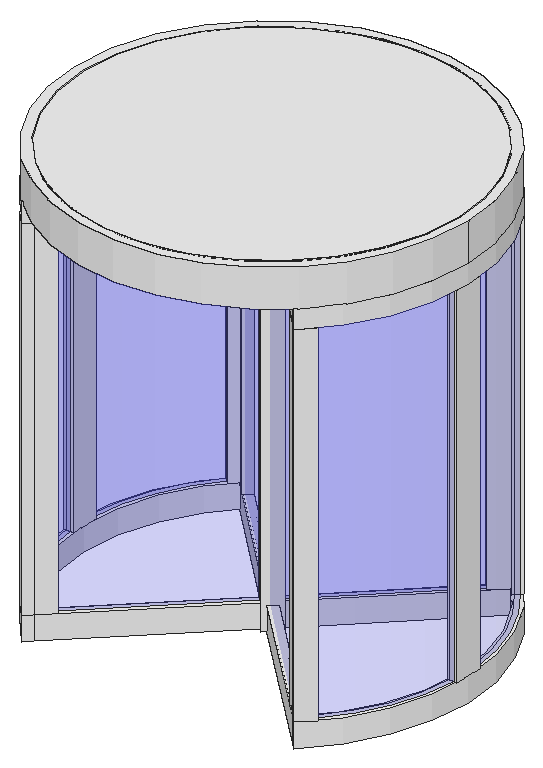
Revit family "Revolving", category Doors, host Wall, Revit 2016
Family settings
  Host = Wall
  Always vertical = Yes
  Cut with Voids When Loaded = No
  Shared = No
  Room Calculation Point = No
Parameters (values of type "84" Diameter")
  glass rad outer = (Diameter / 2) - 0' 0.4921"  # 3' - 5.5079"
  glass rad mid = (Diameter / 2) - 0' 0.9843"  # 3' - 5.0157"
  glass rad inner = (Diameter / 2) - 0' 1.4764"  # 3' - 4.5236"
  Wall Closure = By host
  Function = Exterior
  Door Panel Material = Metal - Chrome
  Door Frame Material = Metal - Chrome
  Diameter = 7' - 0"
  Height = 7' - 8"
  TopThickness = 0' - 8"
  Assembly Code = "B2030300"
Types (4): name | glass rad outer | glass rad mid | glass rad inner | Diameter | Height | TopThickness | Assembly Code
  96" Diameter | 3' - 11.5079" | 3' - 11.0157" | 3' - 10.5236" | 8' - 0" | 7' - 8" | 0' - 8" | "B2030300"
  72" Diameter | 2' - 11.5079" | 2' - 11.0157" | 2' - 10.5236" | 6' - 0" | 7' - 8" | 0' - 8" | "B2030300"
  84" Diameter | 3' - 5.5079" | 3' - 5.0157" | 3' - 4.5236" | 7' - 0" | 7' - 8" | 0' - 8" | "B2030300"
  2100mm - Diameter | 3' - 4.84774" | 3' - 4.35554" | 3' - 3.86344" | 6' - 10 87/128" | 7' - 10 31/64" | 0' - 11 13/16" | 0' - 0"
Reference planes (in)
  plane 1: y = 0
  plane 2: z = 0
  plane 3 "Center": x = 0
  plane 4 "Left": x = -42
  plane 5 "Right": x = 42
  plane 6 "Top": z = 92
  plane 7: through (0, 0, 0) normal (0.7071, 0.7071, 0)
  plane 8: through (0, 0, 0) normal (0.7071, -0.7071, 0)
  plane 9: through (0.70711, 0.70711, 0) normal (0.7071, 0.7071, 0)
  plane 10: through (-0.70711, -0.70711, 0) normal (0.7071, 0.7071, 0)
  plane 11: through (0.70711, -0.70711, 0) normal (0.7071, -0.7071, 0)
  plane 12: through (-0.70711, 0.70711, 0) normal (0.7071, -0.7071, 0)
  plane 13: z = 84
  plane 14: z = 80
  plane 15: z = 5
  plane 16: y = 3
  plane 17: y = -3
  plane 18: x = -40
  plane 19: x = 40
Forms (in)
  Extrusion 1, solid, material "Metal - Chrome" <- "Door Panel Material"
    sketch origin (0, 0, 0) x (1, 0, 0) y (0, 1, 0)
      loop
        line (-2.82843, 0) -> (0, -2.82843) -> (2.82843, 0) -> (0, 2.82843) -> (-2.82843, 0)
    from 0 to 84
  Extrusion 2, solid, material "Metal - Chrome" <- "Door Frame Material"
    sketch origin (0, 0, 96) x (1, 0, 0) y (0, 1, 0)
      loop
        circle (0, 0) r 42
      loop
        circle (0, 0) r 40
    from -4 to -12
  Extrusion 3, solid, material "Metal - Chrome" <- "Door Panel Material"
    sketch origin (0, 0, 0) x (1, 0, 0) y (0, 1, 0)
      loop
        arc (-28.98254, -27.56832) -> (-28.28427, -28.28427) -> (-27.56832, -28.98254) r 40
        line (-27.56832, -28.98254) -> (-0.70711, -2.12132) -> (-2.12132, -0.70711) -> (-28.98254, -27.56832)
      loop
        line (-0.70711, 2.12132) -> (-27.56832, 28.98254)
        arc (-27.56832, 28.98254) -> (-28.28427, 28.28427) -> (-28.98254, 27.56832) r 40
        line (-28.98254, 27.56832) -> (-2.12132, 0.70711) -> (-0.70711, 2.12132)
      loop
        arc (27.56832, -28.98254) -> (28.28427, -28.28427) -> (28.98254, -27.56832) r 40
        line (28.98254, -27.56832) -> (2.1214, -0.70718) -> (0.69678, -2.111) -> (27.56832, -28.98254)
      loop
        line (2.12132, 0.70711) -> (28.98254, 27.56832)
        arc (28.98254, 27.56832) -> (28.28427, 28.28427) -> (27.56832, 28.98254) r 40
        line (27.56832, 28.98254) -> (0.70711, 2.12132) -> (2.12132, 0.70711)
    from 0 to 5
  Extrusion 4, solid, material "Metal - Chrome" <- "Door Frame Material"
    sketch origin (0, 0, 0) x (1, 0, 0) y (0, 1, 0)
      loop
        circle (0, 0) r 40
    from 84 to 92
  Extrusion 5, solid, material "Metal - Chrome" <- "Door Frame Material"
    sketch origin (0, 0, 0) x (1, 0, 0) y (0, 1, 0)
      loop
        arc (-28.98296, 30.39717) -> (-42, 0) -> (-28.98296, -30.39717) r 42
        line (-28.98296, -30.39717) -> (-27.56832, -28.98254)
        arc (-27.56832, -28.98254) -> (-40, 0) -> (-27.56832, 28.98254) r 40
        line (-27.56832, 28.98254) -> (-28.98296, 30.39717)
      loop
        arc (28.98296, -30.39717) -> (42, 0) -> (28.98296, 30.39717) r 42
        line (28.98296, 30.39717) -> (27.56832, 28.98254)
        arc (27.56832, 28.98254) -> (40, 0) -> (27.56832, -28.98254) r 40
        line (27.56832, -28.98254) -> (28.98296, -30.39717)
    from 0 to 5
  Extrusion 6, solid, material "Metal - Chrome" <- "Door Frame Material"
    sketch origin (0, 0, 0) x (1, 0, 0) y (0, 1, 0)
      loop
        arc (-28.98296, 30.39717) -> (-30.39796, 28.98214) -> (-31.74395, 27.50131) r 42
        line (-31.74395, 27.50131) -> (-30.32593, 26.08329)
        arc (-30.32593, 26.08329) -> (-28.9834, 27.56742) -> (-27.56832, 28.98254) r 40
        line (-27.56832, 28.98254) -> (-28.98296, 30.39717)
      loop
        arc (-27.56832, -28.98254) -> (-28.9834, -27.56742) -> (-30.32593, -26.08329) r 40
        line (-30.32593, -26.08329) -> (-31.74521, -27.50257)
        arc (-31.74521, -27.50257) -> (-30.39922, -28.9834) -> (-28.98422, -30.39844) r 42.00179
        line (-28.98422, -30.39844) -> (-27.56832, -28.98254)
      loop
        arc (-41.89272, 3) -> (-42, 0) -> (-41.89272, -3) r 42
        line (-41.89272, -3) -> (-39.88734, -3)
        arc (-39.88734, -3) -> (-40, 0) -> (-39.88734, 3) r 40
        line (-39.88734, 3) -> (-41.89272, 3)
      loop
        arc (27.56832, 28.98254) -> (28.9834, 27.56742) -> (30.32593, 26.08329) r 40
        line (30.32593, 26.08329) -> (31.7441, 27.50146)
        arc (31.7441, 27.50146) -> (30.39811, 28.98229) -> (28.98312, 30.39733) r 42.00022
        line (28.98312, 30.39733) -> (27.56832, 28.98254)
      loop
        arc (28.98296, -30.39717) -> (30.39796, -28.98214) -> (31.74395, -27.50131) r 42
        line (31.74395, -27.50131) -> (30.32577, -26.08313)
        arc (30.32577, -26.08313) -> (28.98324, -27.56726) -> (27.56817, -28.98238) r 39.99978
        line (27.56817, -28.98238) -> (28.98296, -30.39717)
      loop
        arc (39.86739, 3) -> (39.9801, 0) -> (39.86739, -3) r 39.9801
        line (39.86739, -3) -> (41.87478, -3)
        arc (41.87478, -3) -> (41.98211, 0) -> (41.87478, 3) r 41.98211
        line (41.87478, 3) -> (39.86739, 3)
    from 5 to 80
  Extrusion 7, solid, material "Metal - Chrome" <- "Door Frame Material"
    sketch origin (0, 0, 0) x (1, 0, 0) y (0, 1, 0)
      loop
        arc (-28.98296, 30.39717) -> (-42, 0) -> (-28.98296, -30.39717) r 42
        line (-28.98296, -30.39717) -> (-27.56832, -28.98254)
        arc (-27.56832, -28.98254) -> (-40, 0) -> (-27.56832, 28.98254) r 40
        line (-27.56832, 28.98254) -> (-28.98296, 30.39717)
      loop
        arc (28.98296, -30.39717) -> (42, 0) -> (28.98296, 30.39717) r 42
        line (28.98296, 30.39717) -> (27.56832, 28.98254)
        arc (27.56832, 28.98254) -> (40, 0) -> (27.56832, -28.98254) r 40
        line (27.56832, -28.98254) -> (28.98296, -30.39717)
    from 80 to 84
  Extrusion 8, solid, material "Metal - Chrome" <- "Door Panel Material"
    sketch origin (0, 0, 0) x (1, 0, 0) y (0, 1, 0)
      loop
        line (-27.56832, -28.98254) -> (-0.70711, -2.12132) -> (-2.12132, -0.70711) -> (-28.98254, -27.56832)
        arc (-28.98254, -27.56832) -> (-28.28427, -28.28427) -> (-27.56832, -28.98254) r 40
      loop
        line (-2.12132, 0.70711) -> (-0.70711, 2.12132) -> (-27.56832, 28.98254)
        arc (-27.56832, 28.98254) -> (-28.28427, 28.28427) -> (-28.98254, 27.56832) r 40
        line (-28.98254, 27.56832) -> (-2.12132, 0.70711)
      loop
        line (27.56832, 28.98254) -> (0.70711, 2.12132) -> (2.12132, 0.70711) -> (28.98254, 27.56832)
        arc (28.98254, 27.56832) -> (28.28427, 28.28427) -> (27.56832, 28.98254) r 40
      loop
        line (28.98254, -27.56832) -> (2.1214, -0.70718) -> (0.69678, -2.111) -> (27.56832, -28.98254)
        arc (27.56832, -28.98254) -> (28.28427, -28.28427) -> (28.98254, -27.56832) r 40
    from 80 to 84
  Extrusion 9, solid, material "Metal - Chrome" <- "Door Panel Material"
    sketch origin (0, 0, 0) x (1, 0, 0) y (0, 1, 0)
      loop
        arc (-28.98254, -27.56832) -> (-28.28427, -28.28427) -> (-27.56832, -28.98254) r 40
        line (-27.56832, -28.98254) -> (-24.73851, -26.15272) -> (-26.15272, -24.73851) -> (-28.98254, -27.56832)
      loop
        arc (-27.56832, 28.98254) -> (-28.28427, 28.28427) -> (-28.98254, 27.56832) r 40
        line (-28.98254, 27.56832) -> (-26.15411, 24.7399) -> (-24.7399, 26.15411) -> (-27.56832, 28.98254)
      loop
        arc (28.98254, 27.56832) -> (28.28427, 28.28427) -> (27.56832, 28.98254) r 40
        line (27.56832, 28.98254) -> (24.7399, 26.15411) -> (26.15411, 24.7399) -> (28.98254, 27.56832)
      loop
        arc (27.56832, -28.98254) -> (28.28427, -28.28427) -> (28.98254, -27.56832) r 40
        line (28.98254, -27.56832) -> (26.15411, -24.7399) -> (24.7399, -26.15411) -> (27.56832, -28.98254)
    from 5 to 80
  Extrusion 10, solid, material "Glass"
    sketch origin (0, 0, 0) x (1, 0, 0) y (0, 1, 0)
      loop
        line (-25.09206, -25.79917) -> (-1.06066, -1.76777) -> (-1.76777, -1.06066) -> (-25.79917, -25.09206) -> (-25.09206, -25.79917)
      loop
        line (25.80056, -25.09345) -> (1.76777, -1.06066) -> (1.06066, -1.76777) -> (25.09345, -25.80056) -> (25.80056, -25.09345)
      loop
        line (25.09345, 25.80056) -> (1.06066, 1.76777) -> (1.76777, 1.06066) -> (25.80056, 25.09345) -> (25.09345, 25.80056)
      loop
        line (-25.80056, 25.09345) -> (-1.76777, 1.06066) -> (-1.06066, 1.76777) -> (-25.09345, 25.80056) -> (-25.80056, 25.09345)
    from 5 to 80
  Extrusion 11, solid, material "Glass"
    sketch origin (0, 0, 0) x (1, 0, 0) y (0, 1, 0)
      loop
        arc (-31.39508, 27.15244) -> (-38.3483, 15.88439) -> (-41.39934, 3) r 41.5079
        line (-41.39934, 3) -> (-40.4124, 3)
        arc (-40.4124, 3) -> (-37.43545, 15.51609) -> (-30.68536, 26.4683) r 40.5236
        line (-30.68536, 26.4683) -> (-31.39508, 27.15244)
      loop
        arc (-30.6972, -26.45456) -> (-37.43892, -15.50771) -> (-40.4124, -3) r 40.5236
        line (-40.4124, -3) -> (-41.39934, -3)
        arc (-41.39934, -3) -> (-38.35176, -15.87602) -> (-31.40692, -27.13874) r 41.5079
        line (-31.40692, -27.13874) -> (-30.6972, -26.45456)
    from 5 to 80
  Extrusion 12, solid, material "Glass"
    sketch origin (0, 0, 0) x (1, 0, 0) y (0, 1, 0)
      loop
        arc (31.39508, -27.15244) -> (38.3483, -15.88439) -> (41.39934, -3) r 41.5079
        line (41.39934, -3) -> (40.4124, -3)
        arc (40.4124, -3) -> (37.43892, -15.50771) -> (30.6972, -26.45456) r 40.5236
        line (30.6972, -26.45456) -> (31.39508, -27.15244)
      loop
        arc (30.6972, 26.45456) -> (37.43892, 15.50771) -> (40.4124, 3) r 40.5236
        line (40.4124, 3) -> (41.39934, 3)
        arc (41.39934, 3) -> (38.3483, 15.88439) -> (31.39508, 27.15244) r 41.5079
        line (31.39508, 27.15244) -> (30.6972, 26.45456)
    from 5 to 80
Lines and regions (in)
  Opening 1
    outline origin (-90, -3, 0) x (1, 0, 0) y (0, 0, 1)
      loop
        line (48, 0) -> (132, 0) -> (132, 92) -> (48, 92) -> (48, 0)
  symbolic lines, style "DoorsGlassProjection"
    curve 1: arc (-31.05203, -26.79662, 0) -> (-37.8953, -15.69185, 0) -> (-40.90584, -3, 0) r 41.0157
    curve 2: arc (-40.90584, 3, 0) -> (-37.89183, 15.70022, 0) -> (-31.04019, 26.81034, 0) r 41.0157
    curve 3: arc (31.04612, -26.80348, 0) -> (37.89357, -15.69603, 0) -> (40.90584, -3, 0) r 41.0157
    curve 4: arc (40.90584, 3, 0) -> (37.89357, 15.69603, 0) -> (31.04612, 26.80348, 0) r 41.0157
    curve 5: line (-1.41421, 1.41421, 0) -> (-25.447, 25.447, 0)
    curve 6: line (1.41421, 1.41421, 0) -> (25.447, 25.447, 0)
    curve 7: line (1.41421, -1.41421, 0) -> (25.447, -25.447, 0)
    curve 8: line (-1.41421, -1.41421, 0) -> (-25.44562, -25.44562, 0)
  symbolic lines, style "Plan Swing"
    curve 9: arc (-27.58676, 29.00097, 0) -> (1, 40.01356, 0) -> (29.00097, 27.58676, 0) r 40.02606
    curve 10: arc (-27.59718, -29.01139, 0) -> (0, -40.0408, 0) -> (27.59718, -29.01139, 0) r 40.0408
Text (in)
  text "Exterior" at (-94.77921, 27.31104, 0), in view "Floor Line"
  text "Interior" at (-94.77921, -23.90286, 0), in view "Floor Line"
  text "Exterior" at (0, 40.15149, 123.01588), in view "Right"
  text "Interior" at (0, -64.39139, 123.01588), in view "Right"
  text "Interior" at (0, -31.01599, 123.00693), in view "Left"
  text "Exterior" at (0, 54.57065, 123.00693), in view "Left"
Dimensions and locks (in)
  equal spacing: plane 4 "Left", plane 3 "Center", plane 5 "Right"
  "TopThickness": plane 13 to plane 6 "Top"
  "Height": plane 6 "Top" to host wall
  "Diameter": plane 4 "Left" to plane 5 "Right"
  locked: plane 14 to plane 13 at 4
  locked: level to plane 15 at 5
  locked: plane 16 to host wall
  locked: plane 17 to host wall
  locked: plane 4 "Left" to plane 18 at 2
  locked: plane 19 to plane 5 "Right" at 2
  locked: plane 9 to Extrusion 6 sketch curve at 4
  locked: plane 11 to Extrusion 6 sketch curve at 4
  locked: Extrusion 6 sketch curve to plane 10 at 4
  locked: Extrusion 6 sketch curve to plane 12 at 4
  locked: Extrusion 9 sketch curve to Extrusion 9 sketch curve at 4.00196
  locked: Extrusion 9 sketch curve to Extrusion 9 sketch curve at 4  (x3)
  locked: Extrusion 12 sketch curve to plane 10 at 4
  locked: Extrusion 12 sketch curve to plane 12 at 4
  "glass rad inner": radius of Extrusion 11 sketch curve  (x2)
  "glass rad outer": radius of Extrusion 11 sketch curve  (x2)
  "glass rad outer": radius of Extrusion 12 sketch curve  (x2)
  "glass rad inner": radius of Extrusion 12 sketch curve  (x2)
  "glass rad mid": radius of curve 1
  "glass rad mid": radius of curve 2
  "glass rad mid": radius of curve 3
  "glass rad mid": radius of curve 4
  locked: plane 7 to plane 1 (angle 45.00°)  (x2)
  locked: plane 1 to plane 8 (angle 45.00°)  (x2)
  aligned and locked: plane 4 "Left" to Opening 1 sketch curve
  aligned and locked: plane 6 "Top" to Opening 1 sketch curve  (x2)
  aligned and locked: Opening 1 sketch curve to plane 5 "Right"
  aligned and locked: Opening 1 sketch curve to level
  aligned and locked: host wall to Extrusion 2 sketch curve
  aligned and locked: plane 18 to Extrusion 2 sketch curve
  aligned and locked: Extrusion 2 to host wall
  aligned and locked: Extrusion 3 sketch curve to Extrusion 2  (x2)
  aligned and locked: Extrusion 1 to Extrusion 3 sketch curve  (x3)
  aligned and locked: plane 11 to Extrusion 3 sketch curve  (x2)
  aligned and locked: plane 12 to Extrusion 3 sketch curve  (x2)
  aligned and locked: Extrusion 3 to plane 15
  aligned and locked: plane 10 to Extrusion 3 sketch curve  (x2)
  aligned and locked: plane 9 to Extrusion 3 sketch curve
  aligned and locked: Extrusion 4 to plane 6 "Top"
  aligned and locked: Extrusion 4 to plane 13
  aligned and locked: Extrusion 4 sketch curve to Extrusion 2
  aligned and locked: Extrusion 2 to plane 13
  aligned and locked: Extrusion 3 sketch curve to plane 9
  aligned and locked: Extrusion 3 sketch curve to Extrusion 4  (x2)
  aligned and locked: Extrusion 5 sketch curve to Extrusion 2  (x2)
  aligned and locked: Extrusion 5 sketch curve to Extrusion 4  (x2)
  aligned and locked: plane 9 to Extrusion 5 sketch curve
  aligned and locked: plane 11 to Extrusion 5 sketch curve
  aligned and locked: Extrusion 5 to plane 15
  aligned and locked: Extrusion 6 sketch curve to Extrusion 5  (x7)
  aligned and locked: Extrusion 5 to Extrusion 6 sketch curve
  aligned and locked: Extrusion 6 sketch curve to host wall  (x2)
  aligned and locked: Extrusion 6 to plane 14
  aligned and locked: plane 15 to Extrusion 6
  aligned and locked: Extrusion 7 sketch curve to Extrusion 2
  aligned and locked: Extrusion 7 sketch curve to Extrusion 4
  aligned and locked: plane 11 to Extrusion 7 sketch curve
  aligned and locked: plane 13 to Extrusion 7
  aligned and locked: plane 14 to Extrusion 7
  aligned and locked: plane 13 to Extrusion 1
  aligned and locked: plane 10 to Extrusion 5 sketch curve
  aligned and locked: plane 12 to Extrusion 5 sketch curve
  aligned and locked: Extrusion 7 sketch curve to Extrusion 5  (x4)
  aligned and locked: Extrusion 8 sketch curve to Extrusion 3  (x16)
  aligned and locked: plane 13 to Extrusion 8
  aligned and locked: plane 14 to Extrusion 8
  aligned and locked: Extrusion 9 sketch curve to Extrusion 3  (x4)
  aligned and locked: Extrusion 9 to plane 14
  aligned and locked: plane 15 to Extrusion 9
  aligned and locked: Extrusion 9 to Extrusion 10 sketch curve  (x4)
  aligned and locked: Extrusion 1 to Extrusion 10 sketch curve  (x4)
  aligned and locked: Extrusion 10 to plane 14
  aligned and locked: plane 15 to Extrusion 10
  aligned and locked: Extrusion 11 to plane 14
  aligned and locked: plane 15 to Extrusion 11
  aligned and locked: Extrusion 12 to plane 14
  aligned and locked: plane 15 to Extrusion 12
  aligned and locked: Extrusion 6 to curve 1
  aligned and locked: Extrusion 11 to curve 1
  aligned and locked: Extrusion 11 to curve 2  (x2)
  aligned and locked: Extrusion 6 to curve 3  (x2)
  aligned and locked: Extrusion 12 to curve 4  (x2)
  aligned and locked: Extrusion 1 to curve 5
  aligned and locked: Extrusion 9 to curve 5
  aligned and locked: Extrusion 1 to curve 6
  aligned and locked: Extrusion 9 to curve 6
  aligned and locked: plane 8 to curve 6
  aligned and locked: Extrusion 1 to curve 7
  aligned and locked: Extrusion 9 to curve 7
  aligned and locked: Extrusion 1 to curve 8
  aligned and locked: Extrusion 9 to curve 8
Automatic sketch dimensions
  Extrusion 1 sketch curve to plane 1 = 0' - 0"  (x2)
  Extrusion 1 sketch curve to plane 3 "Center" = 0' - 0"  (x2)
  Extrusion 1 sketch curve to plane 3 "Center" = 0' - 2.82843"
  Extrusion 2 sketch curve to host wall = 0' - 0"
  Extrusion 2 sketch curve to plane 4 "Left" = 0' - 0"
  Extrusion 2 sketch curve to plane 3 "Center" = 0' - 0"  (x2)
  plane 3 "Center" to Extrusion 3 sketch curve = 0' - 0.69678"
  host wall to Extrusion 3 sketch curve = 0' - 0.70718"
  Extrusion 7 sketch curve to plane 9 = 0' - 0"  (x2)
  Extrusion 6 sketch curve to host wall = 0' - 0"  (x10)
  Extrusion 6 sketch curve to plane 3 "Center" = 0' - 0"  (x8)
  Extrusion 6 sketch curve to plane 4 "Left" = 0' - 2.11266"
  Extrusion 6 sketch curve to plane 4 "Left" = 0' - 0.10728"
  Extrusion 6 sketch curve to Extrusion 6 sketch curve = 0' - 1.41928"
  Extrusion 6 sketch curve to Extrusion 6 sketch curve = 0' - 1.41802"
  Extrusion 6 sketch curve to Extrusion 6 sketch curve = 0' - 1.41479"  (x2)
  plane 5 "Right" to Extrusion 6 sketch curve = 0' - 0.12522"
  Extrusion 6 sketch curve to Extrusion 6 sketch curve = 0' - 2.00739"
  Extrusion 9 sketch curve to plane 12 = 0' - 0"  (x4)
  Extrusion 9 sketch curve to plane 10 = 0' - 0"  (x3)
  Extrusion 9 sketch curve to plane 9 = 0' - 0"  (x3)
  Extrusion 9 sketch curve to plane 11 = 0' - 0"  (x2)
  plane 3 "Center" to Extrusion 10 sketch curve = 0' - 1.06066"  (x2)
  plane 8 to Extrusion 10 sketch curve = 0' - 0 1/2"  (x2)
  Extrusion 10 sketch curve to plane 8 = 0' - 0 1/2"
  Extrusion 10 sketch curve to plane 7 = 0' - 0 1/2"
  plane 7 to Extrusion 10 sketch curve = 0' - 0 1/2"
  host wall to Extrusion 10 sketch curve = 0' - 1.06066"
  Extrusion 11 sketch curve to host wall = 0' - 0"  (x6)
  Extrusion 11 sketch curve to plane 3 "Center" = 0' - 0"  (x4)
  Extrusion 11 sketch curve to plane 12 = 0' - 2"
  Extrusion 11 sketch curve to Extrusion 11 sketch curve = 0' - 0.70972"  (x2)
  Extrusion 11 sketch curve to plane 10 = 0' - 2"
  Extrusion 12 sketch curve to host wall = 0' - 0"  (x6)
  Extrusion 12 sketch curve to plane 3 "Center" = 0' - 0"  (x4)
  curve 9 to plane 9 = 0' - 0"
  curve 10 to plane 11 = 0' - 0"
  curve 5 to plane 7 = 0' - 0"  (x2)
  curve 8 to plane 8 = 0' - 0"  (x2)
  curve 9 to host wall = 0' - 0"
  curve 9 to plane 3 "Center" = 0' - 0"
  curve 3 to host wall = 0' - 0"
  curve 3 to plane 3 "Center" = 0' - 0"
  curve 1 to host wall = 0' - 0"
  curve 1 to plane 3 "Center" = 0' - 0"
  curve 2 to host wall = 0' - 0"
  curve 2 to plane 3 "Center" = 0' - 0"
  curve 10 to host wall = 0' - 0"
  curve 10 to plane 3 "Center" = 0' - 0"
  curve 4 to host wall = 0' - 0"
  curve 4 to plane 3 "Center" = 0' - 0"
  curve 7 to plane 7 = 0' - 0"  (x2)
  curve 10 to plane 10 = 0' - 0"
  curve 9 to plane 11 = 0' - 0"
  curve 2 to curve 9 = 0' - 3.45343"
  curve 1 to curve 10 = 0' - 3.45485"
